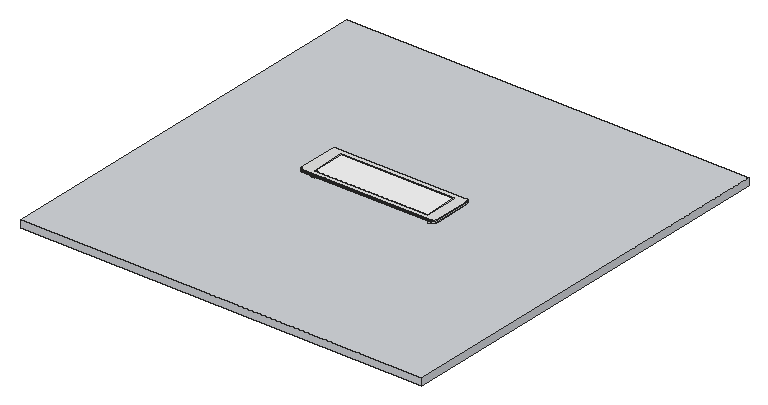
Revit family "Thorn GTLED PRO", category Lighting Fixtures, host Face, Revit 2016
Family settings
  Host = Face
  Part Type = Normal
  Round Connector Dimension = Use Diameter
  OmniClass Number = 23.80.70.11
  OmniClass Title = Luminaries for Internal Lighting
  Cut with Voids When Loaded = No
  Light Source = Yes
  Shared = No
  Room Calculation Point = No
Parameters (values of type "GP-L")
  Width = 313 mm
  Wattage Comments = ""
  Wattage = 152.906 W
  built-in parameter 1150110 = 1 (stored number, unit not read)
  Voltage = 230 V
  URL = "www.thornlighting.com/96276374"
  Type Comments = "© Thorn. We reserve the right to make technical changes without prior notice."  # constant formula
  built-in parameter 1114217 = 1 (stored number, unit not read)
  Tilt Angle = -90.00°
  built-in parameter 1150109 = 1 (stored number, unit not read)
  built-in parameter 1150134 = 12
  built-in parameter 1150113 = 1 (stored number, unit not read)
  Photometric Web File = "GP-L.IES"
  Model = "96276374"
  Manufacturer = "Thorn Lighting"  # constant formula
  built-in parameter 1150105 = 8896.7 (stored number, unit not read)
  Lumens = 22713 lm
  built-in parameter 1150115 = 1 (stored number, unit not read)
  built-in parameter 1150137 = (empty or 0)
  built-in parameter 1150139 = (empty or 0)
  Length = 952 mm
  built-in parameter 1150112 = 1 (stored number, unit not read)
  built-in parameter 1150114 = 1 (stored number, unit not read)
  Lamp = "LED"
  built-in parameter 1150132 = 2
  built-in parameter 1150102 = (empty or 0)
  built-in parameter 1150107 = 4000 (stored number, unit not read)
  built-in parameter 1150138 = (empty or 0)
  built-in parameter 1150106 = 88.967 (stored number, unit not read)
  Height = 90 mm
  Emit from Rectangle Width = Length - 160 mm  # 792 mm
  Emit from Rectangle Length = Width - 80 mm  # 233 mm
  Emit Shape Visible in Rendering = no
  built-in parameter 1150104 = 13.8 (stored number, unit not read)
  Dimming Lamp Color Temperature Shift = <None>
  Description = "Ceiling LED luminaire"  # constant formula
  Default Elevation = 0 mm
  Cover = Thorn_PMMA
  Color Filter = 16777215
  Body = Thorn_Metal_Light_Grey
  built-in parameter 1114218 = 1 (stored number, unit not read)
  built-in parameter 1150133 = 10 (stored number, unit not read)
  Assembly Code = "D5020200"
  Apparent Load = 140 VA
Types (4, lengths in mm): name | Width | Wattage | URL | Photometric Web File | Model | built-in parameter 1150105 | Lumens | Length | built-in parameter 1150106 | Height | Emit from Rectangle Width | Emit from Rectangle Length | Apparent Load
  GP-S | 168 | 73.8714 W | "www.thornlighting.com/96276235" | "GP-S.IES" | "96276235" | 5551.2 (stored number, unit not read) | 10973 lm | 773 | 55.512 (stored number, unit not read) | 84 | 613 | 88 | 71 VA
  GP-M | 313 | 104.657 W | "www.thornlighting.com/96276619" | "GP-M.IES" | "96276619" | 7864.7 (stored number, unit not read) | 15546 lm | 800 | 78.647 (stored number, unit not read) | 90 | 640 | 233 | 102 VA
  GP-L | 313 | 152.906 W | "www.thornlighting.com/96276374" | "GP-L.IES" | "96276374" | 8896.7 (stored number, unit not read) | 22713 lm | 952 | 88.967 (stored number, unit not read) | 90 | 792 | 233 | 140 VA
  GP-XL | 313 | 229.363 W | "www.thornlighting.com/96276379" | "GP-XL.IES" | "96276379" | 13345.2 (stored number, unit not read) | 34070 lm | 1320 | 133.45 (stored number, unit not read) | 90 | 1160 | 233 | 210 VA
Reference planes
  plane 1 "Center (Front/Back)": y = 0
  plane 2 "Top": z = 0
  plane 3 "Center (Left/Right)": x = 399.5
  plane 4 "Back": y = 156.5
  plane 5 "Front": y = -156.5
  plane 6 "Left": x = -76.5
  plane 7 "Right": x = 875.5
  plane 8 "Bottom Body": z = 90
  plane 9: z = 85
  plane 10: z = 80
  plane 11: y = 116.5
  plane 12: y = -116.5
  plane 13: z = 40
  plane 14 "A1": x = 3.5
  plane 15: x = 795.5
Forms (mm)
  Extrusion 1, solid
    sketch origin (0, 0, 0) x (1, 0, 0) y (0, 1, 0)
      loop
        line (-1010.5, 1431.145) -> (-1010.5, -1431.145) -> (1809.5, -1431.145) -> (1809.5, 1431.145) -> (-1010.5, 1431.145)
    from 0 to -52.502
  Extrusion 2, solid, material "Thorn_Metal_Light_Grey" <- "Body"
    sketch origin (0, 0, 0) x (1, 0, 0) y (0, 1, 0)
      loop
        arc (-51.5, 156.5) -> (-69.178, 149.178) -> (-76.5, 131.5) r 25
        line (-76.5, 131.5) -> (-76.5, -131.5)
        arc (-76.5, -131.5) -> (-69.178, -149.178) -> (-51.5, -156.5) r 25
        line (-51.5, -156.5) -> (850.5, -156.5)
        arc (850.5, -156.5) -> (868.178, -149.178) -> (875.5, -131.5) r 25
        line (875.5, -131.5) -> (875.5, 131.5)
        arc (875.5, 131.5) -> (868.178, 149.178) -> (850.5, 156.5) r 25
        line (850.5, 156.5) -> (-51.5, 156.5)
    from 80 to 85
  Extrusion 3, solid, material "Thorn_Metal_Light_Grey" <- "Body"
    sketch origin (0, 0, 0) x (1, 0, 0) y (0, 0, 1)
      loop
        line (3.5, 80) -> (-76.5, 80) -> (-76.5, 75)
        arc (-76.5, 75) -> (-39.654, 50.29) -> (3.5, 40) r 125.047
        line (3.5, 40) -> (3.5, 80)
      loop
        line (795.5, 80) -> (795.5, 40)
        arc (795.5, 40) -> (838.654, 50.29) -> (875.5, 75) r 125.047
        line (875.5, 75) -> (875.5, 80) -> (795.5, 80)
    from -116.5 to 116.5
  Extrusion 4, solid, material "Thorn_Metal_Light_Grey" <- "Body"
    sketch origin (-76.5, 0, 0) x (0, 1, 0) y (0, 0, 1)
      loop
        line (116.5, 80) -> (-116.5, 80) -> (-116.5, 72.5) -> (0, 40) -> (116.5, 72.5) -> (116.5, 80)
    from 80 to 872
  Extrusion 5, void
    sketch origin (0, 0, 0) x (1, 0, 0) y (0, 1, 0)
      loop
        line (225, -149) -> (379.5, -149)
        arc (379.5, -149) -> (384.5, -144) -> (379.5, -139) r 5
        line (379.5, -139) -> (225, -139)
        arc (225, -139) -> (220, -144) -> (225, -149) r 5
      loop
        line (101, -149) -> (166, -149)
        arc (166, -149) -> (171, -144) -> (166, -139) r 5
        line (166, -139) -> (101, -139)
        arc (101, -139) -> (96, -144) -> (101, -149) r 5
      loop
        line (-4, -149) -> (61, -149)
        arc (61, -149) -> (66, -144) -> (61, -139) r 5
        line (61, -139) -> (-4, -139)
        arc (-4, -139) -> (-9, -144) -> (-4, -149) r 5
      loop
        arc (484.5, -149) -> (489.5, -144) -> (484.5, -139) r 5
        line (484.5, -139) -> (419.5, -139)
        arc (419.5, -139) -> (414.5, -144) -> (419.5, -149) r 5
        line (419.5, -149) -> (484.5, -149)
      loop
        arc (608.5, -149) -> (613.5, -144) -> (608.5, -139) r 5
        line (608.5, -139) -> (543.5, -139)
        arc (543.5, -139) -> (538.5, -144) -> (543.5, -149) r 5
        line (543.5, -149) -> (608.5, -149)
      loop
        arc (803, -149) -> (808, -144) -> (803, -139) r 5
        line (803, -139) -> (648.5, -139)
        arc (648.5, -139) -> (643.5, -144) -> (648.5, -149) r 5
        line (648.5, -149) -> (803, -149)
      loop
        arc (225, 149) -> (220, 144) -> (225, 139) r 5
        line (225, 139) -> (379.5, 139)
        arc (379.5, 139) -> (384.5, 144) -> (379.5, 149) r 5
        line (379.5, 149) -> (225, 149)
      loop
        arc (101, 149) -> (96, 144) -> (101, 139) r 5
        line (101, 139) -> (166, 139)
        arc (166, 139) -> (171, 144) -> (166, 149) r 5
        line (166, 149) -> (101, 149)
      loop
        arc (-4, 149) -> (-9, 144) -> (-4, 139) r 5
        line (-4, 139) -> (61, 139)
        arc (61, 139) -> (66, 144) -> (61, 149) r 5
        line (61, 149) -> (-4, 149)
      loop
        line (484.5, 149) -> (419.5, 149)
        arc (419.5, 149) -> (414.5, 144) -> (419.5, 139) r 5
        line (419.5, 139) -> (484.5, 139)
        arc (484.5, 139) -> (489.5, 144) -> (484.5, 149) r 5
      loop
        line (608.5, 149) -> (543.5, 149)
        arc (543.5, 149) -> (538.5, 144) -> (543.5, 139) r 5
        line (543.5, 139) -> (608.5, 139)
        arc (608.5, 139) -> (613.5, 144) -> (608.5, 149) r 5
      loop
        line (803, 149) -> (648.5, 149)
        arc (648.5, 149) -> (643.5, 144) -> (648.5, 139) r 5
        line (648.5, 139) -> (803, 139)
        arc (803, 139) -> (808, 144) -> (803, 149) r 5
    from 0 to 250
  Extrusion 6, solid, material "Thorn_PMMA" <- "Cover"
    sketch origin (0, 0, 0) x (1, 0, 0) y (0, 1, 0)
      loop
        line (3.5, 116.5) -> (3.5, -116.5) -> (795.5, -116.5) -> (795.5, 116.5) -> (3.5, 116.5)
    from 85 to 90
  Extrusion 7, solid, material "Thorn_Metal_Light_Grey" <- "Body"
    sketch origin (0, 0, 0) x (1, 0, 0) y (0, 1, 0)
      loop
        line (795.5, 116.5) -> (3.5, 116.5) -> (3.5, -116.5) -> (795.5, -116.5) -> (795.5, 116.5)
      loop
        arc (-51.5, 151.5) -> (-65.642, 145.642) -> (-71.5, 131.5) r 20
        line (-71.5, 131.5) -> (-71.5, -131.5)
        arc (-71.5, -131.5) -> (-65.642, -145.642) -> (-51.5, -151.5) r 20
        line (-51.5, -151.5) -> (850.5, -151.5)
        arc (850.5, -151.5) -> (864.642, -145.642) -> (870.5, -131.5) r 20
        line (870.5, -131.5) -> (870.5, 131.5)
        arc (870.5, 131.5) -> (864.642, 145.642) -> (850.5, 151.5) r 20
        line (850.5, 151.5) -> (-51.5, 151.5)
    from 85 to 90
Cuts and joins
  Extrusion 5 cuts Extrusion 2
Dimensions and locks
  "Length": plane 6 "Left" to plane 7 "Right"
  equal spacing: plane 6 "Left", plane 3 "Center (Left/Right)", plane 7 "Right"
  equal spacing: plane 5 "Front", plane 1 "Center (Front/Back)", plane 4 "Back"
  "Width": plane 5 "Front" to plane 4 "Back"
  "Height": plane 8 "Bottom Body" to plane 2 "Top"
  locked: plane 4 "Back" to plane 11 at 40
  locked: plane 5 "Front" to plane 12 at 40
  plane 8 "Bottom Body" to plane 9 to plane 10 to plane 13 = 5 mm locked, 5 mm locked, 40 mm locked
  locked: plane 6 "Left" to plane 14 "A1" at 80
  locked: plane 15 to plane 7 "Right" at 80
  aligned and locked: Extrusion 1 to plane 2 "Top"
  aligned and locked: Extrusion 2 sketch curve to plane 4 "Back"
  aligned and locked: Extrusion 2 sketch curve to plane 6 "Left"
  aligned and locked: plane 5 "Front" to Extrusion 2 sketch curve
  aligned and locked: plane 7 "Right" to Extrusion 2 sketch curve
  aligned and locked: Extrusion 2 to plane 10
  aligned and locked: plane 9 to Extrusion 2
  aligned and locked: Extrusion 3 to plane 11
  aligned and locked: Extrusion 3 to plane 12
  aligned and locked: plane 10 to Extrusion 4 sketch curve
  aligned and locked: Extrusion 3 sketch curve to plane 10
  aligned and locked: Extrusion 3 sketch curve to plane 6 "Left"
  aligned and locked: plane 8 "Bottom Body" to Extrusion 6
  aligned and locked: Extrusion 6 to plane 9
  aligned and locked: plane 8 "Bottom Body" to imposter light
  aligned and locked: Extrusion 4 to plane 15
  aligned and locked: Extrusion 6 sketch curve to plane 11
  aligned and locked: plane 12 to Extrusion 6 sketch curve
  aligned and locked: Extrusion 6 sketch curve to plane 14 "A1"
  aligned and locked: plane 15 to Extrusion 6 sketch curve
  aligned and locked: plane 15 to Extrusion 7 sketch curve
  aligned and locked: Extrusion 7 sketch curve to plane 11
  aligned and locked: Extrusion 7 sketch curve to plane 14 "A1"
  aligned and locked: plane 12 to Extrusion 7 sketch curve
  aligned and locked: Extrusion 7 to plane 9
  aligned and locked: plane 8 "Bottom Body" to Extrusion 7
Automatic sketch dimensions
  Extrusion 1 sketch curve to Extrusion 1 sketch curve = 2820 mm
  Extrusion 1 sketch curve to Extrusion 1 sketch curve = 2862.29 mm
  plane 6 "Left" to Extrusion 2 sketch curve = 25 mm  (x2)
  plane 12 to Extrusion 2 sketch curve = 15 mm
  plane 7 "Right" to Extrusion 2 sketch curve = 25 mm
  Extrusion 3 sketch curve to plane 13 = 0 mm  (x2)
  Extrusion 3 sketch curve to plane 14 "A1" = 0 mm
  plane 15 to Extrusion 3 sketch curve = 0 mm
  plane 7 "Right" to Extrusion 3 sketch curve = 0 mm
  Extrusion 3 sketch curve to plane 10 = 0 mm
  plane 14 "A1" to Extrusion 3 sketch curve = 6.967 mm
  plane 15 to Extrusion 3 sketch curve = 6.967 mm
  Extrusion 3 sketch curve to Extrusion 3 sketch curve = 5 mm  (x2)
  Extrusion 4 sketch curve to plane 12 = 0 mm
  Extrusion 4 sketch curve to plane 1 "Center (Front/Back)" = 0 mm
  Extrusion 4 sketch curve to plane 11 = 0 mm
  Extrusion 4 sketch curve to plane 13 = 0 mm
  Extrusion 4 sketch curve to Extrusion 4 sketch curve = 7.5 mm  (x2)
  Extrusion 5 sketch curve to plane 14 "A1" = 7.5 mm  (x2)
  Extrusion 5 sketch curve to plane 5 "Front" = 12.5 mm  (x3)
  plane 14 "A1" to Extrusion 5 sketch curve = 57.5 mm  (x2)
  Extrusion 5 sketch curve to plane 4 "Back" = 7.5 mm  (x3)
  Extrusion 5 sketch curve to Extrusion 5 sketch curve = 40 mm  (x4)
  Extrusion 5 sketch curve to Extrusion 5 sketch curve = 65 mm  (x6)
  Extrusion 5 sketch curve to plane 4 "Back" = 12.5 mm  (x5)
  Extrusion 5 sketch curve to plane 5 "Front" = 17.5 mm  (x2)
  Extrusion 5 sketch curve to Extrusion 5 sketch curve = 59 mm  (x4)
  plane 3 "Center (Left/Right)" to Extrusion 5 sketch curve = 20 mm  (x2)
  Extrusion 5 sketch curve to plane 3 "Center (Left/Right)" = 20 mm  (x2)
  Extrusion 5 sketch curve to plane 5 "Front" = 7.5 mm  (x4)
  Extrusion 5 sketch curve to plane 4 "Back" = 17.5 mm
  Extrusion 5 sketch curve to plane 15 = 7.5 mm  (x2)
  Extrusion 5 sketch curve to Extrusion 5 sketch curve = 5 mm  (x5)
  Extrusion 5 sketch curve to Extrusion 5 sketch curve = 10 mm
  Extrusion 7 sketch curve to plane 4 "Back" = 5 mm
  plane 6 "Left" to Extrusion 7 sketch curve = 25 mm  (x2)
  Extrusion 7 sketch curve to plane 5 "Front" = 5 mm
  plane 6 "Left" to Extrusion 7 sketch curve = 5 mm
  plane 7 "Right" to Extrusion 7 sketch curve = 25 mm  (x2)
  plane 7 "Right" to Extrusion 7 sketch curve = 5 mm
